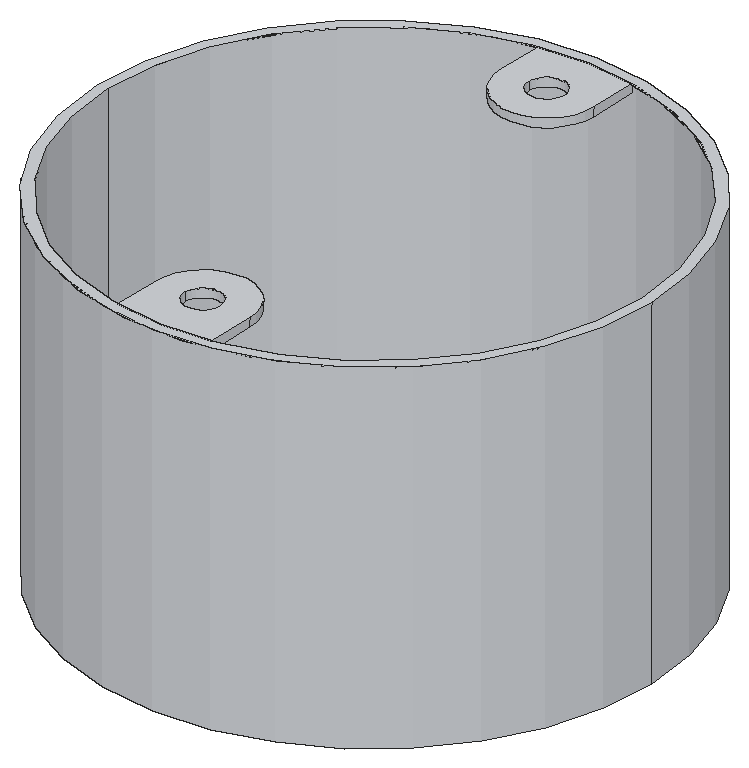
Revit family "SR40B", category Generic Models, Revit 2017
Family settings
  Can host rebar = No
  Round Connector Dimension = Use Diameter
  Part Type = Normal
  Work Plane-Based = Yes
  Always vertical = No
  Cut with Voids When Loaded = No
  Shared = No
  Room Calculation Point = No
Parameters (values of type "NBS Standard Parameters")
  Weight = "0.088Kg"
  WarrantyStartDate [instance] = "1900-12-31T23:59:59"
  WarrantyGuarantorParts = "n/a"
  WarrantyGuarantorLabor = "n/a"
  WarrantyDurationUnit = "1 year"
  WarrantyDurationParts = "n/a"
  WarrantyDurationLabor = "n/a"
  WarrantyDescription = "n/a"
  Version = "1"
  Uniclass2 = "Pr_65_70_11_20"
  TagNumber [instance] = "n/a"
  SustainabilityPerformance = "n/a"
  Size = "40mm"
  Shape = "Circular"
  SerialNumber [instance] = "n/a"
  Revision = "n/a"
  ReplacementCost = "n/a"
  ProductInformation = "www.metpro.co.uk/pdf/sr40g.pdf"
  NominalWidth = 65 mm
  NominalLength = 65 mm
  NominalHeight = 40 mm
  Name = ""
  NBSTypeID = ""
  NBSReference = "90-55-10/460"
  NBSOfficeMasterTag = ""
  NBSNote = ""
  NBSDescription = "Conduit Fittings"
  NBSCertification = ""
  ModelReference = "SR40B"
  ModelNumber = "n/a"
  Material = "Steel"
  ManufacturerURL = "www.metpro.co.uk"
  ManufacturerName = "Metpro Ltd"
  InstallationDate [instance] = "1900-12-31T23:59:59"
  IfcExportType = ""
  IfcExportAs = ""
  Grade = "n/a"
  Finish = "Black"
  Features = "n/a"
  ExpectedLife = "n/a"
  DurationUnit = "year"
  Description = "SR40B - 40mm Extension Ring"
  Default Elevation = 1219.2 mm
  Constituents = "n/a"
  Color = "n/a"
  CodePerformance = "n/a"
  Category = "n/a"
  BarCode [instance] = "n/a"
  BIMObjectName = "Metpro_metprolibrary_conduitfittings_metalcomponent_steelaccessories"
  Author = "Metpro Ltd"
  AssetType = ""
  AssetIdentifier [instance] = "n/a"
  AccessibilityPerformance = "n/a"
Reference planes
  plane 1 "Center (Front/Back)": y = 0
  plane 2: z = 0
  plane 3 "Center (Left/Right)": x = 0
Forms (mm)
  Extrusion 1, solid
    sketch origin (0, 0, 0) x (1, 0, 0) y (0, 1, 0)
      loop
        circle (0, 0) r 32.5
      loop
        circle (0, 0) r 31.25
    from 0 to 40
  Extrusion 2, solid
    sketch origin (0, 0, 40) x (1, 0, 0) y (0, 1, 0)
      loop
        arc (5.546, -25.174) -> (0.046, -19.674) -> (-5.454, -25.174) r 5.5
        line (-5.454, -25.174) -> (-5.454, -30.77)
        arc (-5.454, -30.77) -> (0.047, -31.25) -> (5.546, -30.754) r 31.25
        line (5.546, -30.754) -> (5.546, -25.174)
      loop
        circle (0, -25.2) r 2.1
      loop
        line (5.546, 25.174) -> (5.546, 30.754)
        arc (5.546, 30.754) -> (0.047, 31.25) -> (-5.454, 30.77) r 31.25
        line (-5.454, 30.77) -> (-5.454, 25.174)
        arc (-5.454, 25.174) -> (0.046, 19.674) -> (5.546, 25.174) r 5.5
      loop
        circle (0, 25.2) r 2.1
    from 0 to -1
  Extrusion 3, solid
    sketch origin (0, 0, 0) x (0, 1, 0) y (1, 0, 0)
      loop
        line (5.546, 25.174) -> (5.546, 30.754)
        arc (5.546, 30.754) -> (0.047, 31.25) -> (-5.454, 30.77) r 31.25
        line (-5.454, 30.77) -> (-5.454, 25.174)
        arc (-5.454, 25.174) -> (0.046, 19.674) -> (5.546, 25.174) r 5.5
      loop
        circle (0, 25.2) r 2.1
      loop
        arc (5.546, -25.174) -> (0.046, -19.674) -> (-5.454, -25.174) r 5.5
        line (-5.454, -25.174) -> (-5.454, -30.77)
        arc (-5.454, -30.77) -> (0.047, -31.25) -> (5.546, -30.754) r 31.25
        line (5.546, -30.754) -> (5.546, -25.174)
      loop
        circle (0, -25.2) r 2.1
    from 0 to -1
Dimensions and locks
  aligned and locked: level to plane 2
